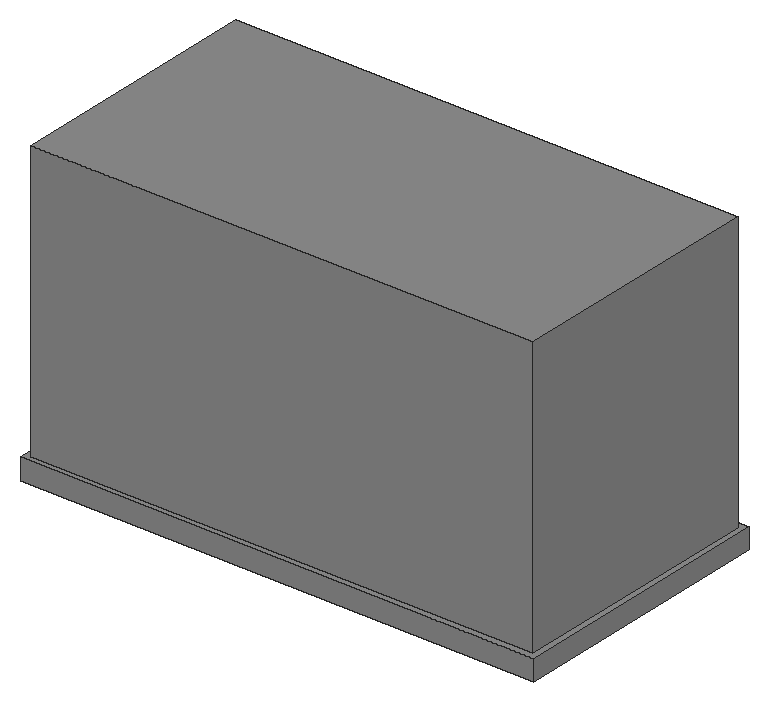
Revit family
Parameters (values of type "38AUD16")
  Wired Condenser Coil Grille [instance] = no
  Width = 3' - 9 1/8"
  Voltage = 0 V
  Version = 1
  Unit Material = Paint - Carrier - American Sterling Gray
  URL = "www.carrier.com"
  Type Comments = "15 Tons Air Cooled Condensing Unit"
  Temperature Control [instance] = no
  Suction Connection Size = 1 3/8"
  Suction Connection Radus = Suction Connection Size / 2  # 11/16"
  Special Coated Coil Protection [instance] = no
  Right Clearance = 3' - 0"
  Programmable Thermostat [instance] = no
  Model = "38AUD16"
  Manufacturer = "Carrier"  # constant formula
  MOCP = 0 A
  MCA = 0 A
  Louvered Hail Guard [instance] = no
  Liquid Connection Size = 1/2"
  Liquid Connection Radius = Liquid Connection Size / 2  # 1/4"
  Length = 7' - 2 3/8"
  Left Clearance = 3' - 0"
  IEER = 11.8
  Height = 4' - 2 3/8"
  Front Clearance = 3' - 6"
  Fan Radius = 1' - 0"
  Fan Centerline from Side = (Length - 0' 8") / 5  # 1' - 3.675"
  Fan Centerline from Back = Fan Radius + 0' 2"  # 1' - 2"
  EER = 11.2
  Disconnect Switch [instance] = no
  Disclaimer = "Manufacturer reserves the right to change, at any time, specifications and designs without notice and without obligation.  Please verify critical parameters with local Carrier commercial sales office."  # constant formula
  Convenience Outlet [instance] = no
  Back Clearance = 3' - 0"
  Assembly Code = "D3030"
Reference planes (in)
  plane 1 "Center (Front/Back)": y = 0
  plane 2: z = 0
  plane 3 "Center (Left/Right)": x = 0
  plane 4 "Back Face of Base": y = 22.5625
  plane 5 "Front Face of Base": y = -22.5625
  plane 6 "Left Face of Base": x = -43.1875
  plane 7 "Right Face of Base": x = 43.1875
  plane 8 "Back Clearance Line": y = 58.5625
  plane 9 "Left Clearance Line": x = -79.1875
  plane 10 "Right Clearance Line": x = 79.1875
  plane 11 "Front Clearance Line": y = -64.5625
  plane 12 "Top of Unit": z = 50.375
  plane 13 "Bottom of Unit": z = 0
  plane 14 "Top of Base": z = 3.5
  plane 15 "Back Face of Unit": y = 21.5625
  plane 16 "Front Face of Unit": y = -21.5625
  plane 17 "Left Face of Unit": x = -42.1875
  plane 18 "Right Face of Unit": x = 42.1875
  plane 19 "Fan Centerline from Back": y = 7.5625
  plane 20 "Left Fan Centerline": x = -26.5125
  plane 21 "Right Fan Centerline": x = 26.5125
  plane 22 "Liquid and Section Connections - Front": y = -15.1875
  plane 23 "Suction Connection": z = 11.25
  plane 24 "Liquid Connection": z = 6.25
  plane 25 "Power Entry Centerline - Vertical": z = 37.125
  plane 26 "Convenience Outlet Centerline - Vertical": z = 17
  plane 27 "Power Entry Centerline - Horizontal": y = -17.8125
  plane 28 "Convenience Outlet Centerline - Horizontal": y = -17.0625
  plane 29 "Liquid and Section Connections - Rear": y = -9.0625
Forms (in)
  Extrusion 1, solid, material "Paint - Carrier - American Sterling Gray" <- "Unit Material"
    sketch origin (0, 0, 3.5) x (-1, 0, 0) y (0, -1, 0)
      loop
        line (42.1875, 21.5625) -> (-42.1875, 21.5625) -> (-42.1875, -21.5625) -> (42.1875, -21.5625) -> (42.1875, 21.5625)
    from 0 to 46.875
  Extrusion 2, solid, material "Paint - Carrier - American Sterling Gray" <- "Unit Material"
    sketch origin (0, 0, 0) x (-1, 0, 0) y (0, -1, 0)
      loop
        line (43.1875, 22.5625) -> (-43.1875, 22.5625) -> (-43.1875, -22.5625) -> (43.1875, -22.5625) -> (43.1875, 22.5625)
    from 0 to 3.5
  Extrusion 3, void
    sketch origin (-42.1875, 0, 0) x (0, 1, 0) y (0, 0, 1)
      loop
        circle (-17.8125, 37.125) r 0.75
    from 0 to 0.5
  Extrusion 4, solid, material "Paint - Carrier - American Sterling Gray"
    sketch origin (-42.1875, 0, 0) x (0, 1, 0) y (0, 0, 1)
      loop
        line (-15.8125, 15) -> (-15.8125, 19) -> (-18.3125, 19) -> (-18.3125, 15) -> (-15.8125, 15)
    from 0 to -0.0625
  Extrusion 5, solid, material "Paint - Carrier - American Sterling Gray", detail levels fine
    sketch origin (-42.1875, 0, 0) x (0, 1, 0) y (0, 0, 1)
      loop
        circle (-15.1875, 11.25) r 1
    from 0 to 0.5
  Extrusion 6, solid, material "Paint - Carrier - American Sterling Gray", detail levels fine
    sketch origin (-42.1875, 0, 0) x (0, 1, 0) y (0, 0, 1)
      loop
        circle (-9.0625, 11.25) r 1
    from 0 to -0.0625
  Extrusion 7, solid, material "Paint - Carrier - American Sterling Gray", detail levels fine
    sketch origin (-42.1875, 0, 0) x (0, 1, 0) y (0, 0, 1)
      loop
        circle (-9.0625, 6.25) r 0.75
    from 0 to 0.5
  Extrusion 8, solid, material "Paint - Carrier - American Sterling Gray", detail levels fine
    sketch origin (-42.1875, 0, 0) x (0, 1, 0) y (0, 0, 1)
      loop
        circle (-15.1875, 6.25) r 0.75
    from 0 to 0.5
Lines and regions (in)
  symbolic lines, style "Clearance Zones", detail levels fine
    curve 1: line (-79.1875, -64.5625, 0) -> (79.1875, -64.5625, 0)
    curve 2: line (-79.1875, 58.5625, 0) -> (-79.1875, -64.5625, 0)
    curve 3: line (79.1875, 58.5625, 0) -> (-79.1875, 58.5625, 0)
    curve 4: line (79.1875, -64.5625, 0) -> (79.1875, 58.5625, 0)
  model lines, detail levels medium+fine
    curve 5: line (-42.1875, -0.5625, 50.375) -> (-42.1875, -0.5625, 3.5)
    curve 6: line (-42.1875, 1.9375, 3.5) -> (-42.1875, 1.9375, 50.375)
    curve 7: line (6.8125, -21.5625, 3.5) -> (6.8125, -21.5625, 50.375)
    curve 8: line (-42.1875, -16.8125, 4.5) -> (-42.1875, -4.8125, 4.5)
    curve 9: line (-42.1875, -16.8125, 13) -> (-42.1875, -16.8125, 4.5)
    curve 10: line (-42.1875, -4.8125, 13) -> (-42.1875, -16.8125, 13)
    curve 11: line (-42.1875, -4.8125, 4.5) -> (-42.1875, -4.8125, 13)
    curve 12: line (1.8125, -21.5625, 50.375) -> (1.8125, -21.5625, 3.5)
    curve 13: line (4.3125, -21.5625, 50.375) -> (4.3125, -21.5625, 3.5)
Dimensions and locks (in)
  equal spacing: plane 6 "Left Face of Base", plane 3 "Center (Left/Right)", plane 7 "Right Face of Base"
  "Length": plane 6 "Left Face of Base" to plane 7 "Right Face of Base"
  equal spacing: plane 4 "Back Face of Base", plane 1 "Center (Front/Back)", plane 5 "Front Face of Base"
  "Width": plane 4 "Back Face of Base" to plane 5 "Front Face of Base"
  "Left Clearance": plane 9 "Left Clearance Line" to plane 6 "Left Face of Base"
  "Right Clearance": plane 7 "Right Face of Base" to plane 10 "Right Clearance Line"
  "Back Clearance": plane 8 "Back Clearance Line" to plane 4 "Back Face of Base"
  "Front Clearance": plane 5 "Front Face of Base" to plane 11 "Front Clearance Line"
  "Height": plane 12 "Top of Unit" to level
  locked: plane 14 "Top of Base" to plane 13 "Bottom of Unit" at 3.5
  locked: plane 4 "Back Face of Base" to plane 15 "Back Face of Unit" at 1
  locked: plane 16 "Front Face of Unit" to plane 5 "Front Face of Base" at 1
  locked: plane 6 "Left Face of Base" to plane 17 "Left Face of Unit" at 1
  locked: plane 18 "Right Face of Unit" to plane 7 "Right Face of Base" at 1
  "Fan Centerline from Side": plane 17 "Left Face of Unit" to plane 20 "Left Fan Centerline"
  "Fan Centerline from Side": plane 21 "Right Fan Centerline" to plane 18 "Right Face of Unit"
  "Fan Centerline from Back": plane 15 "Back Face of Unit" to plane 19 "Fan Centerline from Back"
  locked: curve 5 to plane 5 "Front Face of Base" at 22
  locked: curve 6 to curve 5 at 2.5
  locked: curve 8 to plane 14 "Top of Base" at 1
  locked: curve 10 to plane 13 "Bottom of Unit" at 13
  locked: plane 16 "Front Face of Unit" to curve 9 at 4.75
  locked: curve 9 to curve 11 at 12
  locked: plane 5 "Front Face of Base" to plane 22 "Liquid and Section Connections - Front" at 7.375
  locked: plane 24 "Liquid Connection" to plane 13 "Bottom of Unit" at 6.25
  locked: plane 23 "Suction Connection" to plane 13 "Bottom of Unit" at 11.25
  locked: plane 12 "Top of Unit" to plane 25 "Power Entry Centerline - Vertical" at 13.25
  locked: plane 26 "Convenience Outlet Centerline - Vertical" to plane 13 "Bottom of Unit" at 17
  locked: plane 27 "Power Entry Centerline - Horizontal" to plane 16 "Front Face of Unit" at 3.75
  locked: plane 28 "Convenience Outlet Centerline - Horizontal" to plane 16 "Front Face of Unit" at 4.5
  Extrusion 4 sketch curve to plane 28 "Convenience Outlet Centerline - Horizontal" to Extrusion 4 sketch curve = 0' - 1 1/4" locked, 0' - 1 1/4" locked
  Extrusion 4 sketch curve to plane 26 "Convenience Outlet Centerline - Vertical" to Extrusion 4 sketch curve = 0' - 2" locked, 0' - 2" locked
  locked: plane 22 "Liquid and Section Connections - Front" to plane 29 "Liquid and Section Connections - Rear" at 6.125
  locked: curve 12 to curve 13 at 2.5
  locked: curve 13 to curve 7 at 2.5
  locked: curve 12 to plane 17 "Left Face of Unit" at 44
  radius of Extrusion 3 sketch curve = 0' - 0 3/4"
  radius of Extrusion 5 sketch curve = 0' - 1"
  radius of Extrusion 6 sketch curve = 0' - 1"
  radius of Extrusion 7 sketch curve = 0' - 0 3/4"
  radius of Extrusion 8 sketch curve = 0' - 0 3/4"
  aligned and locked: level to plane 2
  aligned and locked: plane 8 "Back Clearance Line" to curve 3
  aligned and locked: plane 10 "Right Clearance Line" to curve 4
  aligned and locked: curve 1 to plane 11 "Front Clearance Line"
  aligned and locked: curve 2 to plane 9 "Left Clearance Line"
  aligned and locked: level to plane 13 "Bottom of Unit"
  aligned and locked: plane 15 "Back Face of Unit" to Extrusion 1
  aligned and locked: plane 18 "Right Face of Unit" to Extrusion 1
  aligned and locked: Extrusion 1 to plane 16 "Front Face of Unit"
  aligned and locked: Extrusion 1 to plane 17 "Left Face of Unit"
  aligned and locked: Extrusion 1 to plane 14 "Top of Base"
  aligned and locked: plane 12 "Top of Unit" to Extrusion 1
  aligned and locked: Extrusion 2 to plane 6 "Left Face of Base"
  aligned and locked: plane 4 "Back Face of Base" to Extrusion 2
  aligned and locked: plane 7 "Right Face of Base" to Extrusion 2
  aligned and locked: Extrusion 2 to plane 5 "Front Face of Base"
  aligned and locked: Extrusion 2 to plane 13 "Bottom of Unit"
  aligned and locked: plane 14 "Top of Base" to Extrusion 2
  aligned and locked: plane 12 "Top of Unit" to curve 5
  aligned and locked: plane 14 "Top of Base" to curve 5
  aligned and locked: plane 12 "Top of Unit" to curve 6
  aligned and locked: plane 14 "Top of Base" to curve 6
  aligned and locked: plane 12 "Top of Unit" to curve 7
  aligned and locked: plane 14 "Top of Base" to curve 7
  aligned and locked: plane 25 "Power Entry Centerline - Vertical" to Extrusion 3 sketch curve
  aligned and locked: plane 27 "Power Entry Centerline - Horizontal" to Extrusion 3 sketch curve
  aligned and locked: plane 17 "Left Face of Unit" to Extrusion 4
  aligned and locked: nested 1 to plane 19 "Fan Centerline from Back"
  aligned and locked: nested 2 to plane 19 "Fan Centerline from Back"
  aligned and locked: nested 3 to plane 19 "Fan Centerline from Back"
  aligned and locked: plane 3 "Center (Left/Right)" to nested 2
  aligned and locked: plane 20 "Left Fan Centerline" to nested 1
  aligned and locked: plane 21 "Right Fan Centerline" to nested 3
  aligned and locked: plane 14 "Top of Base" to curve 13
  aligned and locked: plane 14 "Top of Base" to curve 12
  aligned and locked: plane 12 "Top of Unit" to curve 13
  aligned and locked: plane 12 "Top of Unit" to curve 12
  aligned and locked: plane 23 "Suction Connection" to Extrusion 5 sketch curve
  aligned and locked: plane 22 "Liquid and Section Connections - Front" to Extrusion 5 sketch curve
  aligned and locked: plane 29 "Liquid and Section Connections - Rear" to Extrusion 6 sketch curve
  aligned and locked: plane 23 "Suction Connection" to Extrusion 6 sketch curve
  aligned and locked: Extrusion 5 to plane 17 "Left Face of Unit"
  aligned and locked: Extrusion 3 to plane 17 "Left Face of Unit"
  aligned and locked: plane 24 "Liquid Connection" to Extrusion 7 sketch curve
  aligned and locked: plane 29 "Liquid and Section Connections - Rear" to Extrusion 7 sketch curve
  aligned and locked: Extrusion 7 to plane 17 "Left Face of Unit"
  aligned and locked: plane 22 "Liquid and Section Connections - Front" to Extrusion 8 sketch curve
  aligned and locked: plane 24 "Liquid Connection" to Extrusion 8 sketch curve
  aligned and locked: Extrusion 8 to plane 17 "Left Face of Unit"
Automatic sketch dimensions
  Extrusion 1 sketch curve to plane 18 "Right Face of Unit" = 0' - 0"
  plane 17 "Left Face of Unit" to Extrusion 1 sketch curve = 0' - 0"
  Extrusion 1 sketch curve to plane 15 "Back Face of Unit" = 0' - 0"
  plane 16 "Front Face of Unit" to Extrusion 1 sketch curve = 0' - 0"
  plane 7 "Right Face of Base" to Extrusion 2 sketch curve = 0' - 0"
  Extrusion 2 sketch curve to plane 6 "Left Face of Base" = 0' - 0"
  plane 4 "Back Face of Base" to Extrusion 2 sketch curve = 0' - 0"
  Extrusion 2 sketch curve to plane 5 "Front Face of Base" = 0' - 0"
Nested families (in)
  nested 1: "Fan-Grill-Carrier" at (-26.5125, 7.5625, 50.375), built-in parameter 1001364 <- "Height", type "Fan-Grill-Carrier", detail levels medium+fine
  nested 2: "Fan-Grill-Carrier" at (0, 7.5625, 50.375), built-in parameter 1001364 <- "Height", type "Fan-Grill-Carrier", detail levels medium+fine
  nested 3: "Fan-Grill-Carrier" at (26.5125, 7.5625, 50.375), built-in parameter 1001364 <- "Height", type "Fan-Grill-Carrier", detail levels medium+fine
Connectors (in)
  electrical at (-42.1875, -17.8125, 37.125)
    settings: on Extrusion 3, index 5, voltage 0 V, apparent load 0 VA, apparent load phase1 0 VA, apparent load phase2 0 VA, apparent load phase3 0 VA, power factor 1, load classification "Motor", number of poles 3, system type 30, power factor state 1, is connector primary yes, connector utility no, sub classification motor no, connector description "Primary Power"
  piping at (-42.1875, -15.1875, 6.25), driven by "Liquid Connection Radius"
    settings: on Extrusion 8, index 7, connector radius 1/4", flow factor 0, pipe flow 0 GPM, pressure drop 0.00 psi, fitting loss kfactor 0, connector angle 0.00°, fixture units 0, flow configuration 1, flow direction 2, fitting loss method 0, system type 22, connector reference index -1, connector utility 0, adjustable connector no, is connector primary yes, fitting loss table "", connector description "Front Liquid Connection"
  piping at (-42.1875, -15.1875, 11.25), driven by "Suction Connection Radus"
    settings: on Extrusion 5, index 8, connector radius 11/16", flow factor 0, pipe flow 0 GPM, pressure drop 0.00 psi, fitting loss kfactor 0, connector angle 0.00°, fixture units 0, flow configuration 1, flow direction 1, fitting loss method 0, system type 22, connector reference index -1, connector utility 0, adjustable connector no, is connector primary no, fitting loss table "", connector description "Front Suction Connection"
  piping at (-42.1875, -9.0625, 6.25), driven by "Liquid Connection Radius"
    settings: on Extrusion 7, index 9, connector radius 1/4", flow factor 0, pipe flow 0 GPM, pressure drop 0.00 psi, fitting loss kfactor 0, connector angle 0.00°, fixture units 0, flow configuration 1, flow direction 2, fitting loss method 0, system type 22, connector reference index -1, connector utility 0, adjustable connector no, is connector primary no, fitting loss table "", connector description "Rear Liquid Connection"
  piping at (-42.25, -9.0625, 11.25), driven by "Suction Connection Radus"
    settings: on Extrusion 6, index 10, connector radius 11/16", flow factor 0, pipe flow 0 GPM, pressure drop 0.00 psi, fitting loss kfactor 0, connector angle 0.00°, fixture units 0, flow configuration 1, flow direction 1, fitting loss method 0, system type 22, connector reference index -1, connector utility 0, adjustable connector no, is connector primary no, fitting loss table "", connector description "Rear Suction Connection"
Definition of nested family "Fan-Grill-Carrier"
  Parameters (values of type "OutdoorFan")
    Fan Radius = 0' - 11"
    Fan 3rd Circle Radius = Fan Radius * 0.75  # 0' - 8 1/4"
    Fan 2nd Circle Radius = Fan Radius * 0.5  # 0' - 5 1/2"
    Fan Inner Circle Radius = Fan Radius * 0.25  # 0' - 2 3/4"
    Assembly Code = ""
  Reference planes (in)
    plane 1 "Center (Front/Back)": y = 0
    plane 2: z = 0
    plane 3 "Center (Left/Right)": x = 0
  Lines and regions (in)
    model lines, style "Fan", detail levels medium+fine
      curve 1: circle (0, 0, 0) r 11 normal (0, 0, 1)
      curve 2: circle (0, 0, 0) r 5.5 normal (0, 0, 1)
      curve 3: circle (0, 0, 0) r 2.75 normal (0, 0, 1)
      curve 4: circle (0, 0, 0) r 8.25 normal (0, 0, 1)
  Dimensions and locks (in)
    "Fan Radius": radius of curve 1
    "Fan 3rd Circle Radius": radius of curve 4
    "Fan Inner Circle Radius": radius of curve 3
    "Fan 2nd Circle Radius": radius of curve 2
    aligned and locked: level to plane 2
  Automatic sketch dimensions
    curve 1 to curve 3 = 0' - 0"  (x2)
    curve 2 to curve 4 = 0' - 0"  (x2)
    curve 3 to curve 4 = 0' - 0"  (x2)
    plane 1 "Center (Front/Back)" to curve 2 = 0' - 0"
    curve 2 to plane 3 "Center (Left/Right)" = 0' - 0"
